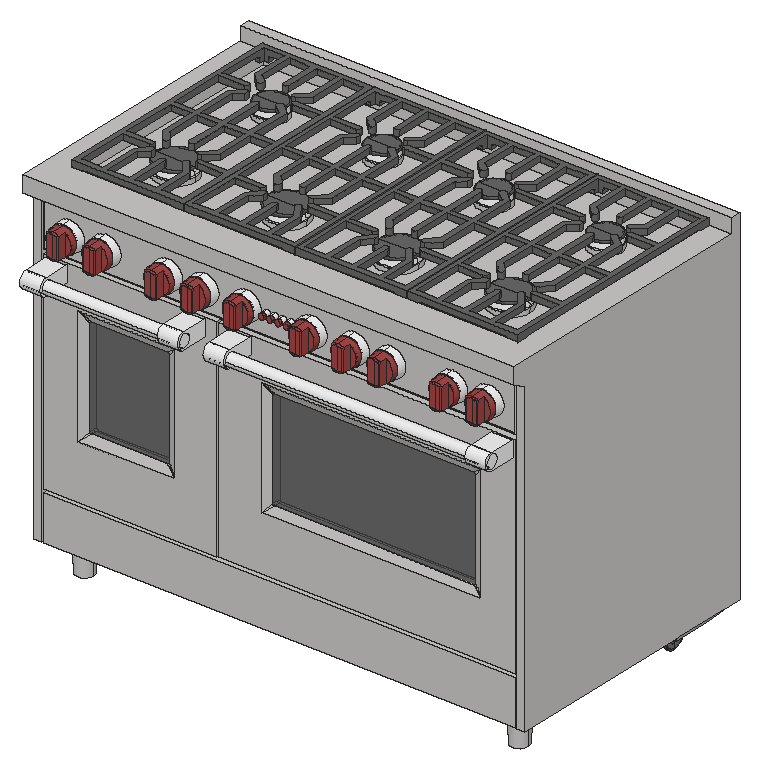
Revit family "43dcda20f5f249dd9b1c5d9aa32a3989", category Specialty Equipment, Revit 2021
Family settings
  Round Connector Dimension = Use Diameter
  Part Type = Normal
  OmniClass Number = 23.40.40.14
  OmniClass Title = Food Service Equipment
  Work Plane-Based = No
  Always vertical = Yes
  Cut with Voids When Loaded = No
  Shared = No
  Room Calculation Point = No
Parameters (values of type "Burners")
  Width = 3' - 11 7/8"
  Wall Offset = 0' - 0"
  Voltage = 120 V
  Type Comments = ""
  Trim Finish = Appliance - Chrome
  Show Label = yes
  Power Consumption = 500 VA
  Main Oven Width = 2' - 6"
  Label = "Range"
  Knob = Appliance - Plastic - Red
  Height = 3' - 0 31/32"
  Griddle = Appliance - Stainless Steel - Brushed
  Grate Width = (Width - 0' 4 1/4") / 4 - 0' 0 1/32"  # 0' - 10 7/8"
  Grate Depth = Depth - 0' 4 79/256"  # 1' - 11 1/4"
  Glass = Appliance - Oven Glass
  Description = "Range"
  Depth = 2' - 3 143/256"
  Default Elevation = 0' - 0"
  Center Right Burners = yes
  Center Grate - Right = Cook Surface : Burners
  Center Grate - Left = Cook Surface : Burners
  Center Left Burners = yes
  Burner = Appliance - Burner Cover
  Assembly Code = "E1090320"
  Appliance Finish = Appliance - Stainless Steel - Semi-Polished
  Amperage = Power Consumption / Voltage  # 4.16667 A
Reference planes (in)
  plane 1 "Back": y = 0
  plane 2: z = 0
  plane 3 "Center (Left/Right)": x = 0
  plane 4 "Left": x = -23.9375
  plane 5 "Right": x = 23.9375
  plane 6: y = 0
  plane 7 "Edge": y = -27.5585938
  plane 8 "Door Back": y = -24.2515071
  plane 9 "Top": z = 36.96875
  plane 10 "B.O. Unit": z = 3.1496065
  plane 11 "Burner": z = 35.5907955
  plane 12: z = 7.8740158
  plane 13 "Handle": z = 27.401576
  plane 14 "Knobs": z = 30.8555422
  plane 15 "Door Face": y = -26.1412709
  plane 16: y = -24.9601685
  plane 17: z = 2.2834645
  plane 18: z = 1.1023622
  plane 19 "Wheels": y = -4.7244101
  plane 20: z = 1
  plane 21: x = 21.75
  plane 22: x = -21.75
  plane 23: x = 13.05
  plane 24: x = -13.05
  plane 25: x = -6.0625
  plane 26: x = -4.35
  plane 27: x = 4.35
  plane 28: x = -20.4375
  plane 29: x = -16.8941928
  plane 30: x = 20.4375
  plane 31: x = 16.8941946
  plane 32: x = 9.51875
  plane 33: z = 34.3333187
  plane 34: x = -15
  plane 35: x = 8.9375
  plane 36: y = -37.5585938
  plane 37: x = -0.4
  plane 38: x = 0.4
  plane 39: x = -1.2
  plane 40: x = 1.2
  plane 41: x = 11.15625
  plane 42 "1": x = -10.875
  plane 43: x = 0
  plane 44 "2": x = 10.875
  plane 45: x = -7.3125
  plane 46: x = 7.625
  plane 47: x = -7.34375
  plane 48: x = 7.34375
Forms (in)
  Extrusion 1, void
    sketch origin (0, 0, 36.96875) x (-1, 0, 0) y (0, -1, 0)
      loop
        line (21.75, 1) -> (21.75, 24.2515071) -> (-21.75, 24.2515071) -> (-21.75, 1) -> (21.75, 1)
    from 0 to -2.6354313
  Extrusion 2, solid, material "Appliance - Stainless Steel - Semi-Polished" <- "Appliance Finish"
    sketch origin (0, 0, 0) x (0, 1, 0) y (0, 0, 1)
      loop
        line (-1, 36.96875) -> (-1, 35.5907955) -> (-27.5585938, 35.5907955) -> (-27.5585938, 34.0159941) -> (-26.1412709, 33.2285919) -> (-26.1412709, 3.1496065) -> (0, 3.1496065) -> (0, 36.96875) -> (-1, 36.96875)
    from -23.9375 to 23.9375
  Extrusion 3, void
    sketch origin (0, -26.1412709, 0) x (0, 0, 1) y (-1, 0, 0)
      loop
        line (33.2285919, 23.1500984) -> (3.1496065, 23.1500984) -> (3.1496065, -23.1501007) -> (33.2285919, -23.1501007) -> (33.2285919, 23.1500984)
    from -1.8897638 to 0
  Extrusion 4, solid, material "Appliance - Stainless Steel - Semi-Polished" <- "Appliance Finish"
    sketch origin (0, 0, 0) x (0, 1, 0) y (0, 0, 1)
      loop
        line (-24.9601685, 7.4803147) -> (-26.1412709, 7.4803147) -> (-26.1412709, 3.1496065) -> (-24.9601685, 3.1496065) -> (-24.9601685, 7.4803147)
      loop
        line (-24.2515071, 33.2285919) -> (-26.1412709, 33.2285919) -> (-26.1412709, 28.7404022) -> (-24.2515071, 28.7404022) -> (-24.2515071, 33.2285919)
      loop
        line (-24.9601685, 28.3467026) -> (-26.1412709, 28.3467026) -> (-26.1412709, 7.8740158) -> (-24.9601685, 7.8740158) -> (-24.9601685, 28.3467026)
    from -23.0234375 to 23.0234375
  Extrusion 5, void
    sketch origin (0, -26.1412709, 0) x (0, 0, 1) y (-1, 0, 0)
      loop
        arc (23.8188972, 0.78125) -> (23.7639798, 0.9138325) -> (23.6313972, 0.96875) r 0.1875
        line (23.6313972, 0.96875) -> (14.1638775, 0.96875)
        arc (14.1638775, 0.96875) -> (14.031295, 0.9138325) -> (13.9763775, 0.78125) r 0.1875
        line (13.9763775, 0.78125) -> (13.9763775, -18.651577)
        arc (13.9763775, -18.651577) -> (14.031295, -18.7841595) -> (14.1638775, -18.839077) r 0.1875
        line (14.1638775, -18.839077) -> (23.6313972, -18.839077)
        arc (23.6313972, -18.839077) -> (23.7639798, -18.7841595) -> (23.8188972, -18.651577) r 0.1875
        line (23.8188972, -18.651577) -> (23.8188972, 0.78125)
      loop
        line (23.8188972, 11.21875) -> (23.8188972, 18.651577)
        arc (23.8188972, 18.651577) -> (23.7639798, 18.7841595) -> (23.6313972, 18.839077) r 0.1875
        line (23.6313972, 18.839077) -> (14.1638775, 18.839077)
        arc (14.1638775, 18.839077) -> (14.031295, 18.7841595) -> (13.9763775, 18.651577) r 0.1875
        line (13.9763775, 18.651577) -> (13.9763775, 11.21875)
        arc (13.9763775, 11.21875) -> (14.031295, 11.0861675) -> (14.1638775, 11.03125) r 0.1875
        line (14.1638775, 11.03125) -> (23.6313972, 11.03125)
        arc (23.6313972, 11.03125) -> (23.7639798, 11.0861675) -> (23.8188972, 11.21875) r 0.1875
    from -1.8897638 to -0.3937008
  Blend 6, void
    base sketch origin (0, -26.1412709, 0) x (0, 0, 1) y (-1, 0, 0)
      loop
        line (24.6062994, 1.75) -> (13.1889768, 1.75) -> (13.1889768, -19.6264791) -> (24.6062994, -19.6264791) -> (24.6062994, 1.75)
    top sketch origin (0, -26.1412709, 0) x (0, 0, 1) y (-1, 0, 0)
      loop
        line (23.8188972, -18.651577) -> (23.8188972, 0.78125)
        arc (23.8188972, 0.78125) -> (23.7639798, 0.9138325) -> (23.6313972, 0.96875) r 0.1875
        line (23.6313972, 0.96875) -> (14.1638775, 0.96875)
        arc (14.1638775, 0.96875) -> (14.031295, 0.9138325) -> (13.9763775, 0.78125) r 0.1875
        line (13.9763775, 0.78125) -> (13.9763775, -18.651577)
        arc (13.9763775, -18.651577) -> (14.031295, -18.7841595) -> (14.1638775, -18.839077) r 0.1875
        line (14.1638775, -18.839077) -> (23.6313972, -18.839077)
        arc (23.6313972, -18.839077) -> (23.7639798, -18.7841595) -> (23.8188972, -18.651577) r 0.1875
    from 0 to -0.3937008
  Extrusion 7, solid, material "Appliance - Oven Glass" <- "Glass"
    sketch origin (0, -26.1412709, 0) x (0, 0, 1) y (-1, 0, 0)
      loop
        line (23.8188972, -18.651577) -> (23.8188972, 0.78125)
        arc (23.8188972, 0.78125) -> (23.7639798, 0.9138325) -> (23.6313972, 0.96875) r 0.1875
        line (23.6313972, 0.96875) -> (14.1638775, 0.96875)
        arc (14.1638775, 0.96875) -> (14.031295, 0.9138325) -> (13.9763775, 0.78125) r 0.1875
        line (13.9763775, 0.78125) -> (13.9763775, -18.651577)
        arc (13.9763775, -18.651577) -> (14.031295, -18.7841595) -> (14.1638775, -18.839077) r 0.1875
        line (14.1638775, -18.839077) -> (23.6313972, -18.839077)
        arc (23.6313972, -18.839077) -> (23.7639798, -18.7841595) -> (23.8188972, -18.651577) r 0.1875
      loop
        arc (23.8188972, 18.651577) -> (23.7639798, 18.7841595) -> (23.6313972, 18.839077) r 0.1875
        line (23.6313972, 18.839077) -> (14.1638775, 18.839077)
        arc (14.1638775, 18.839077) -> (14.031295, 18.7841595) -> (13.9763775, 18.651577) r 0.1875
        line (13.9763775, 18.651577) -> (13.9763775, 11.21875)
        arc (13.9763775, 11.21875) -> (14.031295, 11.0861675) -> (14.1638775, 11.03125) r 0.1875
        line (14.1638775, 11.03125) -> (23.6313972, 11.03125)
        arc (23.6313972, 11.03125) -> (23.7639798, 11.0861675) -> (23.8188972, 11.21875) r 0.1875
        line (23.8188972, 11.21875) -> (23.8188972, 18.651577)
    from -0.3937008 to -0.8945312
  Blend 8, solid, material "Appliance - Stainless Steel - Semi-Polished" <- "Appliance Finish"
    base sketch origin (0, 0, 3.1496065) x (-1, 0, 0) y (0, -1, 0)
      loop
        line (23.9375, 1.968504) -> (23.9375, 7.4803162) -> (18.4252268, 7.4803162) -> (18.4252268, 1.968504) -> (23.9375, 1.968504)
    top sketch origin (0, 0, 3.1496065) x (-1, 0, 0) y (0, -1, 0)
      loop
        line (23.1496363, 2.7559061) -> (23.1496363, 6.692914) -> (19.2126286, 6.692914) -> (19.2126286, 2.7559061) -> (23.1496363, 2.7559061)
    from 0 to -0.866142
  Blend 9, solid, material "Appliance - Stainless Steel - Semi-Polished" <- "Appliance Finish"
    base sketch origin (0, 0, 3.1496065) x (1, 0, 0) y (0, 1, 0)
      loop
        line (23.9375, -1.968504) -> (18.4252268, -1.968504) -> (18.4252268, -7.4803162) -> (23.9375, -7.4803162) -> (23.9375, -1.968504)
    top sketch origin (0, 0, 3.1496065) x (1, 0, 0) y (0, 1, 0)
      loop
        line (23.1496363, -2.7559061) -> (19.2126286, -2.7559061) -> (19.2126286, -6.692914) -> (23.1496363, -6.692914) -> (23.1496363, -2.7559061)
    from 0 to -0.866142
  Blend 10, solid, material "Appliance - Stainless Steel - Semi-Polished" <- "Appliance Finish"
    base sketch origin (0, 0, 3.1496065) x (-1, 0, 0) y (0, -1, 0)
      loop
        circle (-21.1811347, 23.3853653) r 0.984252
    top sketch origin (0, 0, 3.1496065) x (-1, 0, 0) y (0, -1, 0)
      loop
        circle (-21.2008185, 23.3853653) r 0.8633028
    from 0 to -3.1496065
  Blend 11, solid, material "Appliance - Stainless Steel - Semi-Polished" <- "Appliance Finish"
    base sketch origin (0, 0, 3.1496065) x (1, 0, 0) y (0, 1, 0)
      loop
        circle (-21.1811347, -23.3853653) r 0.984252
    top sketch origin (0, 0, 3.1496065) x (1, 0, 0) y (0, 1, 0)
      loop
        circle (-21.2008185, -23.3853653) r 0.8633028
    from 0 to -3.1496065
  Extrusion 12, solid, material "Appliance - Stainless Steel - Semi-Polished" <- "Appliance Finish"
    sketch origin (0, 0, 0) x (1, 0, 0) y (0, 0, 1)
      loop
        line (-22.3622347, 2.2834645) -> (-21.5748333, 1.1023622) -> (-21.4404829, 1.1023622) -> (-21.4404829, 2.2834645) -> (-22.3622347, 2.2834645)
      loop
        line (-20.7874315, 1.1023622) -> (-20.00003, 2.2834645) -> (-20.921782, 2.2834645) -> (-20.921782, 1.1023622) -> (-20.7874315, 1.1023622)
      loop
        line (22.3622347, 2.2834645) -> (21.4404829, 2.2834645) -> (21.4404829, 1.1023622) -> (21.5748333, 1.1023622) -> (22.3622347, 2.2834645)
      loop
        line (20.7874315, 1.1023622) -> (20.921782, 1.1023622) -> (20.921782, 2.2834645) -> (20.00003, 2.2834645) -> (20.7874315, 1.1023622)
    from 3.5433083 to 5.9055133
  Revolve 13, solid, material "Appliance - Rubber"
    sketch origin (0, -4.7244101, 0) x (0, 0, 1) y (-1, 0, 0)
      loop
        line (1, 20.984282) -> (1.192074, 20.984282) -> (1.192074, 21.109282) -> (1.3350632, 21.109282) -> (1.3350632, 21.078032)
        arc (1.3350632, 21.078032) -> (1.362522, 21.0117408) -> (1.4288132, 20.984282) r 0.09375
        line (1.4288132, 20.984282) -> (1.90625, 20.984282)
        arc (1.90625, 20.984282) -> (1.9725413, 21.0117408) -> (2, 21.078032) r 0.09375
        line (2, 21.078032) -> (2, 21.2842329)
        arc (2, 21.2842329) -> (1.9725413, 21.3505242) -> (1.90625, 21.3779829) r 0.09375
        line (1.90625, 21.3779829) -> (1.4288132, 21.3779829)
        arc (1.4288132, 21.3779829) -> (1.362522, 21.3505242) -> (1.3350632, 21.2842329) r 0.09375
        line (1.3350632, 21.2842329) -> (1.3350632, 21.2529829) -> (1.192074, 21.2529829) -> (1.192074, 21.3779829) -> (1, 21.3779829) -> (1, 20.984282)
      loop
        line (1, -20.984282) -> (1, -21.3779829) -> (1.192074, -21.3779829) -> (1.192074, -21.2529829) -> (1.3350632, -21.2529829) -> (1.3350632, -21.2842329)
        arc (1.3350632, -21.2842329) -> (1.362522, -21.3505242) -> (1.4288132, -21.3779829) r 0.09375
        line (1.4288132, -21.3779829) -> (1.90625, -21.3779829)
        arc (1.90625, -21.3779829) -> (1.9725413, -21.3505242) -> (2, -21.2842329) r 0.09375
        line (2, -21.2842329) -> (2, -21.078032)
        arc (2, -21.078032) -> (1.9725413, -21.0117408) -> (1.90625, -20.984282) r 0.09375
        line (1.90625, -20.984282) -> (1.4288132, -20.984282)
        arc (1.4288132, -20.984282) -> (1.362522, -21.0117408) -> (1.3350632, -21.078032) r 0.09375
        line (1.3350632, -21.078032) -> (1.3350632, -21.109282) -> (1.192074, -21.109282) -> (1.192074, -20.984282) -> (1, -20.984282)
      axis (1, 21.3779829) -> (1, -21.3779829)
    angle from 0 to 360
  Sweep 14, void
    path in 3D
      loop
        line (-23.0234375, -26.1412709, 33.2285919) -> (-23.0234375, -26.1412709, 28.7404022) -> (23.0234375, -26.1412709, 28.7404022) -> (23.0234375, -26.1412709, 33.2285919) -> (-23.0234375, -26.1412709, 33.2285919)
    profile "Round : 1/8"" origin (0, -26.1412709, 33.2285919) x (0, -1, 0) y (0, 0, 1)
      loop
        line (0, 0) -> (-0.125, 0)
        arc (-0.125, 0) -> (-0.0366117, -0.0366117) -> (0, -0.125) r 0.125
        line (0, -0.125) -> (0, 0)
  Extrusion 15, void
    sketch origin (0, -24.2515071, 0) x (-1, 0, 0) y (0, 0, 1)
      loop
        line (6.15625, 28.3467026) -> (5.96875, 28.3467026) -> (5.96875, 7.8740158) -> (6.15625, 7.8740158) -> (6.15625, 28.3467026)
    from 0 to -1.8897638
  Blend 16, void
    base sketch origin (0, -26.1412709, 0) x (0, 0, 1) y (-1, 0, 0)
      loop
        line (24.6062994, 10.25) -> (24.6062994, 19.6264791) -> (13.1889768, 19.6264791) -> (13.1889768, 10.25) -> (24.6062994, 10.25)
    top sketch origin (0, -26.1412709, 0) x (0, 0, 1) y (-1, 0, 0)
      loop
        arc (23.8188972, 18.651577) -> (23.7639798, 18.7841595) -> (23.6313972, 18.839077) r 0.1875
        line (23.6313972, 18.839077) -> (14.1638775, 18.839077)
        arc (14.1638775, 18.839077) -> (14.031295, 18.7841595) -> (13.9763775, 18.651577) r 0.1875
        line (13.9763775, 18.651577) -> (13.9763775, 11.21875)
        arc (13.9763775, 11.21875) -> (14.031295, 11.0861675) -> (14.1638775, 11.03125) r 0.1875
        line (14.1638775, 11.03125) -> (23.6313972, 11.03125)
        arc (23.6313972, 11.03125) -> (23.7639798, 11.0861675) -> (23.8188972, 11.21875) r 0.1875
        line (23.8188972, 11.21875) -> (23.8188972, 18.651577)
    from 0 to -0.3937008
Cuts and joins
  Extrusion 1, Extrusion 3, Sweep 14 cuts Extrusion 2
  Extrusion 5, Blend 6, Sweep 14, Extrusion 15, Blend 16 cuts Extrusion 4
  Blend 16 cuts Extrusion 7
Lines and regions (in)
  Split face 1
    outline origin (23.9375, 0, 3.1496065) x (-1, 0, 0) y (0, 0, 1)
      loop
        circle (5.6979908, 4.7244093) r 0.5
  Split face 2
    outline origin (23.9375, 0, 3.1496065) x (-1, 0, 0) y (0, 0, 1)
      loop
        circle (9.1750184, 4.7244093) r 0.5
  sketch lines
    curve 1: line (23.0234375, -26.1412709, 33.2285919) -> (-23.0234375, -26.1412709, 33.2285919)
    curve 2: line (23.0234375, -26.1412709, 33.2285919) -> (23.0234375, -26.1412709, 28.7404022)
    curve 3: line (23.0234375, -26.1412709, 28.7404022) -> (-23.0234375, -26.1412709, 28.7404022)
    curve 4: line (-23.0234375, -26.1412709, 28.7404022) -> (-23.0234375, -26.1412709, 33.2285919)
Dimensions and locks (in)
  equal spacing: plane 4 "Left", plane 3 "Center (Left/Right)", plane 5 "Right"
  "Width": plane 4 "Left" to plane 5 "Right"
  "Depth": plane 6 to plane 7 "Edge"
  "Wall Offset": plane 1 "Back" to plane 6
  "Height": plane 9 "Top" to level
  locked: plane 10 "B.O. Unit" to level at 3.1496065
  locked: plane 8 "Door Back" to plane 7 "Edge" at 3.3070866
  locked: plane 9 "Top" to plane 11 "Burner" at 1.3779545
  plane 13 "Handle" to level = 2' - 3.40158"
  locked: plane 11 "Burner" to plane 14 "Knobs" at 4.7352533
  locked: plane 6 to Extrusion 2 sketch curve at 1
  plane 6 to Extrusion 1 sketch curve = 0' - 1"
  locked: Extrusion 3 sketch curve to plane 14 "Knobs" at 2.3730497
  locked: plane 12 to plane 10 "B.O. Unit" at 4.7244093
  locked: plane 12 to Extrusion 4 sketch curve at 0.3937011
  locked: plane 16 to plane 15 "Door Face" at 1.1811023
  locked: Extrusion 5 sketch curve to plane 25 at 5.09375
  locked: plane 5 "Right" to Extrusion 5 sketch curve at 5.098423
  locked: Extrusion 5 sketch curve to plane 12 at 6.1023617
  locked: plane 13 "Handle" to Extrusion 5 sketch curve at 3.5826788
  locked: cut or joined group of Extrusion 4, Extrusion 5, Blend 6, Sweep 14, Extrusion 15, Blend 16 to plane 15 "Door Face" at 0.3937008
  locked: plane 5 "Right" to Blend 6 sketch curve at 4.3110209
  locked: plane 13 "Handle" to Blend 6 sketch curve at 2.7952766
  locked: Blend 6 sketch curve to plane 12 at 5.314961
  locked: cut or joined group of Extrusion 4, Extrusion 5, Blend 6, Sweep 14, Extrusion 15, Blend 16 to plane 4 "Left" at 0.9140625
  locked: plane 5 "Right" to cut or joined group of Extrusion 4, Extrusion 5, Blend 6, Sweep 14, Extrusion 15, Blend 16 at 0.9140625
  locked: plane 7 "Edge" to plane 15 "Door Face" at 1.4173229
  locked: plane 4 "Left" to Blend 8 sketch curve at 5.5122732
  plane 6 to Blend 8 sketch curve to Blend 8 sketch curve = 0' - 1.9685" locked, 0' - 5.51181" locked
  plane 4 "Left" to Blend 8 sketch curve to Blend 8 sketch curve = 0' - 0.78786" locked, 0' - 3.93701" locked
  plane 6 to Blend 8 sketch curve to Blend 8 sketch curve = 0' - 2.75591" locked, 0' - 3.93701" locked
  locked: plane 10 "B.O. Unit" to Blend 8 at 0.866142
  plane 5 "Right" to Blend 9 sketch curve to Blend 9 sketch curve = 0' - 0.78786" locked, 0' - 3.93701" locked
  plane 6 to Blend 9 sketch curve to Blend 9 sketch curve = 0' - 2.75591" locked, 0' - 3.93701" locked
  locked: Blend 9 sketch curve to plane 5 "Right" at 5.5122732
  plane 6 to Blend 9 sketch curve to Blend 9 sketch curve = 0' - 1.9685" locked, 0' - 5.51181" locked
  locked: plane 10 "B.O. Unit" to Blend 9 at 0.866142
  locked: plane 4 "Left" to Blend 11 sketch curve at 2.7366815
  locked: plane 15 "Door Face" to Blend 11 sketch curve at 2.7559056  (x2)
  locked: plane 4 "Left" to Blend 11 sketch curve at 2.7563653
  locked: Blend 10 sketch curve to plane 5 "Right" at 2.7366815
  locked: plane 15 "Door Face" to Blend 10 sketch curve at 2.7559056  (x2)
  locked: Blend 10 sketch curve to plane 5 "Right" at 2.7563653
  plane 10 "B.O. Unit" to plane 17 to plane 18 = 0' - 0.86614" locked, 0' - 1.1811" locked
  Extrusion 12 sketch curve to Extrusion 12 sketch curve to Extrusion 12 sketch curve to Extrusion 12 sketch curve to Extrusion 12 sketch curve to Extrusion 12 sketch curve to plane 4 "Left" = 0' - 0.7874" locked, 0' - 0.13435" locked, 0' - 0.5187" locked, 0' - 0.13435" locked, 0' - 0.7874" locked, 0' - 1.57527" locked
  plane 5 "Right" to Extrusion 12 sketch curve to Extrusion 12 sketch curve to Extrusion 12 sketch curve to Extrusion 12 sketch curve to Extrusion 12 sketch curve to Extrusion 12 sketch curve = 0' - 1.57527" locked, 0' - 0.7874" locked, 0' - 0.13435" locked, 0' - 0.5187" locked, 0' - 0.13435" locked, 0' - 0.7874" locked
  plane 6 to Extrusion 12 to Extrusion 12 = 0' - 3.54331" locked, 0' - 2.36221" locked
  plane 6 to plane 19 "Wheels" = 0' - 4.72441"
  locked: plane 20 to level at 1
  locked: plane 21 to plane 5 "Right" at 2.1875
  plane 4 "Left" to plane 22 = 0' - 2 3/16"
  "Main Oven Width": plane 5 "Right" to plane 25
  Blend 6 sketch curve to plane 25 = 0' - 5 3/32"
  plane 5 "Right" to Blend 6 sketch curve = 0' - 5.09842"
  Blend 6 sketch curve to plane 25 = 0' - 4 5/16"
  locked: Extrusion 7 sketch curve to plane 25 at 5.09375
  Extrusion 15 sketch curve to plane 25 to Extrusion 15 sketch curve = 0' - 0 3/32" locked, 0' - 0 3/32" locked
  locked: plane 14 "Knobs" to Extrusion 15 sketch curve at 2.5088396
  equal spacing: plane 22, plane 24, plane 26, plane 27, plane 23, plane 21
  plane 29 to plane 28 to plane 4 "Left" = 0' - 3.54331" locked, 0' - 3 1/2" locked
  plane 5 "Right" to plane 30 to plane 31 = 0' - 3 1/2" locked, 0' - 3.54331" locked
  locked: plane 23 to plane 32 at 3.53125
  locked: plane 9 "Top" to plane 33 at 2.6354313
  Extrusion 4 sketch curve to plane 14 "Knobs" to Extrusion 4 sketch curve = 0' - 2.11514" locked, 0' - 2.37305" locked
  locked: plane 13 "Handle" to Extrusion 4 sketch curve at 0.9451265
  locked: plane 14 "Knobs" to plane 13 "Handle" at 3.4539661
  equal spacing: plane 4 "Left", plane 34, plane 25
  equal spacing: plane 25, plane 35, plane 5 "Right"
  locked: plane 3 "Center (Left/Right)" to nested 13 at 3.197834
  nested 14 to plane 3 "Center (Left/Right)" = 0' - 3.22195"
  locked: plane 7 "Edge" to plane 36 at 10
  locked: plane 3 "Center (Left/Right)" to plane 37 at 0.4
  plane 38 to plane 3 "Center (Left/Right)" = 0' - 0.4"
  locked: plane 40 to plane 38 at 0.8
  locked: plane 37 to plane 39 at 0.8
  plane 22 to plane 42 "1" to plane 43 to plane 21 = 0' - 10 7/8", 0' - 10 7/8", 1' - 9 3/4"  (x2)
  plane 28 to plane 29 = 0' - 3.54331"
  equal spacing: plane 22, plane 42 "1", plane 43, plane 44 "2", plane 21
  locked: plane 25 to plane 45 at 1.25
  plane 41 to plane 46 = 0' - 3 17/32"
  locked: plane 47 to plane 42 "1" at 3.53125
  locked: plane 44 "2" to plane 48 at 3.53125
  aligned and locked: plane 2 to level
  aligned and locked: plane 9 "Top" to Extrusion 2 sketch curve
  aligned and locked: plane 5 "Right" to Extrusion 2
  aligned and locked: Extrusion 2 to plane 4 "Left"
  aligned and locked: Extrusion 2 sketch curve to plane 10 "B.O. Unit"
  aligned and locked: Extrusion 2 sketch curve to plane 15 "Door Face"
  aligned and locked: plane 7 "Edge" to Extrusion 2 sketch curve
  aligned and locked: plane 11 "Burner" to Extrusion 2 sketch curve
  aligned and locked: Extrusion 2 sketch curve to plane 6
  aligned and locked: Extrusion 3 sketch curve to plane 10 "B.O. Unit"
  aligned and locked: plane 8 "Door Back" to Extrusion 3
  aligned and locked: plane 15 "Door Face" to Extrusion 3
  aligned and locked: Extrusion 4 sketch curve to plane 15 "Door Face"  (x3)
  aligned and locked: plane 10 "B.O. Unit" to Extrusion 4 sketch curve
  aligned and locked: Extrusion 4 sketch curve to plane 8 "Door Back"
  aligned and locked: plane 12 to Extrusion 4 sketch curve
  aligned and locked: Extrusion 4 sketch curve to plane 16  (x2)
  aligned and locked: plane 15 "Door Face" to nested 2
  aligned and locked: plane 8 "Door Back" to Extrusion 5
  aligned and locked: plane 4 "Left" to Blend 8 sketch curve
  aligned and locked: plane 5 "Right" to Blend 9 sketch curve
  aligned and locked: Blend 10 to level
  aligned and locked: plane 10 "B.O. Unit" to Blend 10
  aligned and locked: plane 10 "B.O. Unit" to Blend 9
  aligned and locked: plane 10 "B.O. Unit" to Blend 8
  aligned and locked: Extrusion 12 sketch curve to plane 17  (x4)
  aligned and locked: plane 18 to Extrusion 12 sketch curve  (x4)
  aligned and locked: plane 20 to Revolve 13 sketch curve  (x2)
  aligned and locked: Revolve 13 sketch curve to plane 20
  aligned and locked: plane 15 "Door Face" to nested 3
  aligned and locked: plane 15 "Door Face" to nested 4
  aligned and locked: plane 15 "Door Face" to nested 5
  aligned and locked: plane 15 "Door Face" to nested 6
  aligned and locked: nested 3 to plane 14 "Knobs"
  aligned and locked: nested 4 to plane 14 "Knobs"
  aligned and locked: nested 5 to plane 14 "Knobs"
  aligned and locked: nested 6 to plane 14 "Knobs"
  aligned and locked: plane 15 "Door Face" to nested 7
  aligned and locked: nested 7 to plane 14 "Knobs"
  aligned and locked: plane 22 to Extrusion 1 sketch curve
  aligned and locked: Extrusion 1 sketch curve to plane 21
  aligned and locked: nested 8 to plane 8 "Door Back"
  aligned and locked: Extrusion 15 sketch curve to plane 12
  aligned and locked: plane 15 "Door Face" to Extrusion 15
  aligned and locked: plane 15 "Door Face" to nested 11
  aligned and locked: plane 25 to nested 11
  aligned and locked: plane 4 "Left" to nested 11
  aligned and locked: nested 12 to plane 14 "Knobs"
  aligned and locked: nested 9 to plane 14 "Knobs"
  aligned and locked: nested 10 to plane 14 "Knobs"
  aligned and locked: plane 15 "Door Face" to nested 10
  aligned and locked: plane 15 "Door Face" to nested 12
  aligned and locked: plane 15 "Door Face" to nested 9
  aligned and locked: plane 15 "Door Face" to nested 13
  aligned and locked: plane 15 "Door Face" to nested 14
  aligned and locked: plane 28 to nested 7
  aligned and locked: plane 29 to nested 6
  aligned and locked: plane 30 to nested 9
  aligned and locked: plane 31 to nested 4
  aligned and locked: nested 13 to plane 14 "Knobs"
  aligned and locked: nested 14 to plane 14 "Knobs"
  aligned and locked: plane 33 to nested 8
  aligned and locked: nested 11 to plane 13 "Handle"
  aligned and locked: nested 2 to plane 13 "Handle"
  aligned and locked: plane 34 to nested 11
  aligned and locked: plane 35 to nested 2
  aligned and locked: nested 1 to plane 36
  aligned and locked: nested 15 to plane 14 "Knobs"
  aligned and locked: nested 16 to plane 14 "Knobs"
  aligned and locked: nested 17 to plane 14 "Knobs"
  aligned and locked: nested 18 to plane 14 "Knobs"
  aligned and locked: plane 38 to nested 17
  aligned and locked: plane 40 to nested 18
  aligned and locked: plane 37 to nested 16
  aligned and locked: plane 39 to nested 15
  aligned and locked: plane 15 "Door Face" to nested 15
  aligned and locked: plane 15 "Door Face" to nested 16
  aligned and locked: plane 15 "Door Face" to nested 17
  aligned and locked: plane 15 "Door Face" to nested 18
  aligned and locked: nested 8 to plane 22
  aligned and locked: plane 42 "1" to nested 19
  aligned and locked: plane 44 "2" to nested 21
  aligned and locked: plane 44 "2" to nested 20
  aligned and locked: plane 42 "1" to nested 3
  aligned and locked: plane 47 to nested 10
  aligned and locked: plane 44 "2" to nested 5
  aligned and locked: nested 12 to plane 48
  aligned and locked: plane 8 "Door Back" to nested 19
  aligned and locked: plane 8 "Door Back" to nested 20
  aligned and locked: plane 8 "Door Back" to nested 21
  aligned and locked: plane 33 to nested 19
  aligned and locked: plane 33 to nested 20
  aligned and locked: plane 33 to nested 21
  aligned and locked: plane 3 "Center (Left/Right)" to nested 1
Automatic sketch dimensions
  Extrusion 1 sketch curve to plane 8 "Door Back" = 0' - 0"
  Extrusion 2 sketch curve to plane 11 "Burner" = 0' - 2.3622"
  Extrusion 2 sketch curve to Extrusion 2 sketch curve = 0' - 1.5748"
  Extrusion 3 sketch curve to plane 5 "Right" = 0' - 0.7874"
  plane 4 "Left" to Extrusion 3 sketch curve = 0' - 0.7874"
  plane 12 to Extrusion 5 sketch curve = 0' - 6.10236"
  Extrusion 5 sketch curve to Extrusion 5 sketch curve = 0' - 0 3/16"  (x7)
  plane 13 "Handle" to Extrusion 5 sketch curve = 0' - 3.77018"  (x2)
  Extrusion 5 sketch curve to plane 25 = 0' - 4 31/32"
  plane 22 to Extrusion 5 sketch curve = 0' - 3.09842"
  plane 12 to Blend 6 sketch curve = 0' - 6.10236"
  Blend 6 sketch curve to Blend 6 sketch curve = 0' - 0 3/16"  (x3)
  plane 13 "Handle" to Blend 6 sketch curve = 0' - 3.77018"  (x2)
  Blend 6 sketch curve to plane 21 = 0' - 3.09842"
  plane 12 to Extrusion 7 sketch curve = 0' - 6.10236"  (x2)
  plane 22 to Extrusion 7 sketch curve = 0' - 3.09842"
  Extrusion 7 sketch curve to Extrusion 7 sketch curve = 0' - 0 3/16"  (x6)
  plane 13 "Handle" to Extrusion 7 sketch curve = 0' - 3.77018"  (x4)
  Extrusion 7 sketch curve to plane 21 = 0' - 3.09842"
  Extrusion 7 sketch curve to plane 25 = 0' - 4 31/32"
  plane 21 to Blend 10 sketch curve = 0' - 0.41539"
  plane 22 to Blend 11 sketch curve = 0' - 0.41539"
  Revolve 13 sketch curve to Revolve 13 sketch curve = 0' - 0.19207"  (x3)
  plane 20 to Revolve 13 sketch curve = 0' - 0.19207"
  Revolve 13 sketch curve to Revolve 13 sketch curve = 0' - 0.14299"  (x4)
  Revolve 13 sketch curve to Revolve 13 sketch curve = 0' - 0 3/32"  (x6)
  Revolve 13 sketch curve to Revolve 13 sketch curve = 0' - 0.47744"  (x2)
  Revolve 13 sketch curve to Revolve 13 sketch curve = 0' - 0"  (x4)
  Revolve 13 sketch curve to plane 21 = 0' - 0.37202"
  Revolve 13 sketch curve to Revolve 13 sketch curve = 0' - 0 1/8"  (x4)
  Revolve 13 sketch curve to Revolve 13 sketch curve = 0' - 0.1437"  (x2)
  Revolve 13 sketch curve to Revolve 13 sketch curve = 0' - 0.2062"
  plane 22 to Revolve 13 sketch curve = 0' - 0.76572"
  Revolve 13 sketch curve to Revolve 13 sketch curve = 0' - 0 1/32"
  Revolve 13 sketch curve to Revolve 13 sketch curve = 0' - 1.59809"
  Revolve 13 sketch curve to plane 22 = 0' - 0.59658"
  Blend 16 sketch curve to plane 12 = 0' - 5.31496"
  Blend 16 sketch curve to plane 13 "Handle" = 0' - 2.79528"
  Blend 16 sketch curve to plane 22 = 0' - 2.12352"
  plane 25 to Blend 16 sketch curve = 0' - 4 3/16"
  Blend 16 sketch curve to plane 12 = 0' - 6.10236"
  Blend 16 sketch curve to Blend 16 sketch curve = 0' - 0 3/16"  (x3)
  Blend 16 sketch curve to plane 13 "Handle" = 0' - 3.77018"  (x2)
  Blend 16 sketch curve to plane 22 = 0' - 2.91092"
  plane 25 to Blend 16 sketch curve = 0' - 5 5/32"
  Split face 1 sketch curve to cut or joined group of Extrusion 1, Extrusion 2, Extrusion 3, Sweep 14 = 0' - 5.69799"
  Split face 1 sketch curve to cut or joined group of Extrusion 1, Extrusion 2, Extrusion 3, Sweep 14 = 0' - 4.72441"
  Split face 2 sketch curve to cut or joined group of Extrusion 1, Extrusion 2, Extrusion 3, Sweep 14 = 0' - 9.17502"
  Split face 2 sketch curve to cut or joined group of Extrusion 1, Extrusion 2, Extrusion 3, Sweep 14 = 0' - 4.72441"
  radius of Blend 10 sketch curve = 0' - 0.8633"
  radius of Blend 11 sketch curve = 0' - 0.8633"
  radius of Split face 1 sketch curve = 0' - 0 1/2"
  radius of Split face 2 sketch curve = 0' - 0 1/2"
Nested families (in)
  nested 1: "Label Annotation 3-32" at (0, -37.5585938, 0), visible <- "Show Label", type "Label Annotation 3-32"
  nested 2: "Handle" at (8.9375, -26.1412709, 27.401576), Unit Width <- "Main Oven Width", Finish <- "Trim Finish", type "Handle", detail levels medium+fine
    with Unit Width 2' - 6", Finish Appliance - Chrome
  nested 3: "Knob 1" at (-10.875, -26.1412709, 30.8555422), type "Knob 1", detail levels medium+fine
  nested 4: "Knob 1" at (16.8941946, -26.1412709, 30.8555422), type "Knob 1", detail levels medium+fine
  nested 5: "Knob 1" at (10.875, -26.1412709, 30.8555422), type "Knob 1", detail levels medium+fine
  nested 6: "Knob 1" at (-16.8941928, -26.1412709, 30.8555422), type "Knob 1", detail levels medium+fine
  nested 7: "Knob 1" at (-20.4375, -26.1412709, 30.8555422), type "Knob 1", detail levels medium+fine
  nested 8: "Cook Surface" at (-16.3058467, -12.6265071, 34.3333187), type "Burners"
    with Grate Width 0' - 10 7/8"
  nested 9: "Knob 1" at (20.4375, -26.1412709, 30.8555422), type "Knob 1", detail levels medium+fine
  nested 10: "Knob 1" at (-7.34375, -26.1412709, 30.8555422), visible <- "Center Left Burners", type "Knob 1", detail levels medium+fine
  nested 11: "Handle" at (-15, -26.1412709, 27.401576), Finish <- "Trim Finish", type "Handle", detail levels medium+fine
    with Unit Width 1' - 5 7/8", Finish Appliance - Chrome
  nested 12: "Knob 1" at (7.34375, -26.1412709, 30.8555422), visible <- "Center Right Burners", type "Knob 1", detail levels medium+fine
  nested 13: "Knob 1" at (-3.197834, -26.1412709, 30.8555422), type "Knob 1", detail levels medium+fine
  nested 14: "Knob 1" at (3.2219484, -26.1412709, 30.8555422), type "Knob 1", detail levels medium+fine
  nested 15: "Knob 2" at (-1.2, -26.1412709, 30.8555422), type "Knob 2", detail levels medium+fine
  nested 16: "Knob 2" at (-0.4, -26.1412709, 30.8555422), type "Knob 2", detail levels medium+fine
  nested 17: "Knob 2" at (0.4, -26.1412709, 30.8555422), type "Knob 2", detail levels medium+fine
  nested 18: "Knob 2" at (1.2, -26.1412709, 30.8555422), type "Knob 2", detail levels medium+fine
  nested 19: "Cook Surface" at (-5.4308467, -12.6265071, 34.3333187), type <- "Center Grate - Left", type "Burners"
    with Grate Width 0' - 10 7/8"
  nested 20: "Cook Surface" at (5.4441533, -12.6265071, 34.3333187), type <- "Center Grate - Right", type "Burners"
    with Grate Width 0' - 10 7/8"
  nested 21: "Cook Surface" at (16.3191533, -12.6265071, 34.3333187), type "Burners"
    with Grate Width 0' - 10 7/8"
Connectors (in)
  electrical at (18.2395092, 0, 7.8740158), driven by "Voltage", driven by "Power Consumption"
    settings: on cut or joined group of Extrusion 1, Extrusion 2, Extrusion 3, Sweep 14, index 1, voltage 120 V, apparent load 500 VA, apparent load phase1 0 VA, apparent load phase2 0 VA, apparent load phase3 0 VA, power factor 1, load classification "Appliance", number of poles 1, system type 30, power factor state 1, is connector primary yes, connector utility no, sub classification motor no, connector description "Range Power"
  piping at (14.7624816, 0, 7.8740158), diameter 0.5
    settings: on cut or joined group of Extrusion 1, Extrusion 2, Extrusion 3, Sweep 14, index 2, connector inside diameter 24", connector length 0' - 0", flow factor 0, pipe flow 0 GPM, pressure drop 0.00 psi, fitting loss kfactor 0, connector angle 0.00°, fixture units 0, engagement length 0' - 0", angle of deflection 0.00°, flow configuration 1, flow direction 1, fitting loss method 0, system type 22, joint type 0, gender type 0, connector reference index -1, connector utility 0, adjustable connector no, is connector primary yes, connector description "Range Gas"
Definition of nested family "Handle"
  Parameters (values of type "Handle")
    Unit Width [instance] = 3' - 0"
    Handle Projection = 0' - 2 1/2"
    Handle Offset B = 0' - 1 1/4"
    Handle Offset A = 0' - 1 1/4"
    Finish [instance] = none
    Default Elevation = 0' - 0"
  Reference planes (in)
    plane 1 "Center (Front/Back)": y = 0
    plane 2: z = 0
    plane 3 "Center (Left/Right)": x = 0
    plane 4 "Surface A": x = -18
    plane 5 "Surface B": x = 18
    plane 6 "Handle A": x = -16.75
    plane 7 "Handle B": x = 16.75
    plane 8: y = -2.5
    plane 9: x = -14.78125
    plane 10: x = 14.78125
    plane 11: y = -1.875
  Forms (in)
    Extrusion 1, solid, material <- "Finish", detail levels medium+fine
      sketch origin (-16.75, 0, 0) x (0, 0, 1) y (0, -1, 0)
        loop
          line (0.7874022, 0) -> (0.7874022, 2.5)
          arc (0.7874022, 2.5) -> (0, 3.2874022) -> (-0.7874022, 2.5) r 0.7874022
          line (-0.7874022, 2.5) -> (-0.7874022, 0) -> (0.7874022, 0)
        loop
          circle (0, 2.5) r 0.5915109
      from 0 to 1.96875
    Extrusion 2, solid, material <- "Finish", detail levels medium+fine
      sketch origin (16.75, 0, 0) x (0, 0, 1) y (0, -1, 0)
        loop
          line (-0.7874022, 0) -> (0.7874022, 0) -> (0.7874022, 2.5)
          arc (0.7874022, 2.5) -> (0, 3.2874022) -> (-0.7874022, 2.5) r 0.7874022
          line (-0.7874022, 2.5) -> (-0.7874022, 0)
        loop
          circle (0, 2.5) r 0.5915109
      from 0 to -1.96875
    Extrusion 3, solid, material <- "Finish", detail levels medium+fine
      sketch origin (0, 0, 0) x (0, 1, 0) y (0, 0, 1)
        loop
          circle (-2.5, 0) r 0.5915109
      from -16.75 to 16.75
  Cuts and joins
    joined: Extrusion 1, Extrusion 2
  Dimensions and locks (in)
    "Unit Width": plane 5 "Surface B" to plane 4 "Surface A"
    equal spacing: plane 5 "Surface B", plane 3 "Center (Left/Right)", plane 4 "Surface A"
    "Handle Offset A": plane 6 "Handle A" to plane 4 "Surface A"
    "Handle Offset B": plane 5 "Surface B" to plane 7 "Handle B"
    "Handle Projection": plane 1 "Center (Front/Back)" to plane 8
    plane 6 "Handle A" to plane 9 = 0' - 1 31/32"
    plane 10 to plane 7 "Handle B" = 0' - 1 31/32"
    plane 8 to plane 11 = 0' - 0 5/8"
    aligned and locked: level to plane 2
    aligned and locked: Extrusion 1 sketch curve to plane 1 "Center (Front/Back)"
    aligned and locked: Extrusion 2 sketch curve to plane 1 "Center (Front/Back)"
    aligned and locked: cut or joined group of Extrusion 1, Extrusion 2 to plane 1 "Center (Front/Back)"
    aligned and locked: plane 8 to Extrusion 2 sketch curve
    aligned and locked: plane 8 to Extrusion 1 sketch curve
    aligned and locked: level to Extrusion 3 sketch curve
    aligned and locked: plane 8 to Extrusion 3 sketch curve
    aligned and locked: plane 7 "Handle B" to Extrusion 3
    aligned and locked: Extrusion 3 to plane 6 "Handle A"
    aligned and locked: Extrusion 2 sketch curve to Extrusion 3  (x2)
    aligned and locked: Extrusion 1 sketch curve to Extrusion 3  (x2)
    aligned and locked: plane 9 to cut or joined group of Extrusion 1, Extrusion 2
    aligned and locked: cut or joined group of Extrusion 1, Extrusion 2 to plane 10
  Automatic sketch dimensions
    Extrusion 1 sketch curve to level = 0' - 0.7874"
    level to Extrusion 1 sketch curve = 0' - 0"
    Extrusion 2 sketch curve to Extrusion 2 sketch curve = 0' - 0.7874"
    Extrusion 2 sketch curve to level = 0' - 0.7874"
    radius of Extrusion 3 sketch curve = 0' - 0.59151"
Definition of nested family "Knob 1"
  Parameters
    Material = none
    Default Elevation = 0' - 0"
    Bezel Material = none
  Reference planes (in)
    plane 1 "Center (Front/Back)": y = 0
    plane 2: z = 0
    plane 3 "Center (Left/Right)": x = 0
    plane 4: y = -1.3779528
    plane 5: y = -2.1653543
  Forms (in)
    Revolve 1, solid, material <- "Material"
      sketch origin (0, 0, 0) x (0, 1, 0) y (0, 0, 1)
        loop
          line (0, 1.3779516) -> (-0.7874016, 1.2992134) -> (-0.7874016, 1.2598429) -> (-2.0742818, 1.2230744)
          arc (-2.0742818, 1.2230744) -> (-2.1388356, 1.1947004) -> (-2.1653543, 1.1293627) r 0.09375
          line (-2.1653543, 1.1293627) -> (-2.1653543, 0) -> (0, 0) -> (0, 1.3779516)
        axis (0, 0) -> (-2.1653543, 0)
      angle from 0 to 360
    Extrusion 2, void
      sketch origin (0, 0, 0) x (1, 0, 0) y (0, 1, 0)
        loop
          line (1.24297, -1.3779528) -> (0.5905516, -1.3779528) -> (0.5905516, -2.0716043)
          arc (0.5905516, -2.0716043) -> (0.5630929, -2.1378956) -> (0.4968016, -2.1653543) r 0.09375
          line (0.4968016, -2.1653543) -> (1.24297, -2.1653543) -> (1.24297, -1.3779528)
        loop
          line (-1.24297, -1.3779528) -> (-1.24297, -2.1653543) -> (-0.4968016, -2.1653543)
          arc (-0.4968016, -2.1653543) -> (-0.5630929, -2.1378956) -> (-0.5905516, -2.0716043) r 0.09375
          line (-0.5905516, -2.0716043) -> (-0.5905516, -1.3779528) -> (-1.24297, -1.3779528)
      from -1.3682255 to 1.445227
  Cuts and joins
    Extrusion 2 cuts Revolve 1
  Dimensions and locks (in)
    plane 5 to plane 4 to plane 1 "Center (Front/Back)" = 0' - 0.7874" locked, 0' - 1.37795" locked
    aligned and locked: plane 2 to level
    aligned and locked: Revolve 1 sketch curve to level
    aligned and locked: plane 4 to Extrusion 2 sketch curve
    aligned and locked: Extrusion 2 sketch curve to plane 5
Definition of nested family "Cook Surface"
  Parameters (values of type "Burners")
    ShowGrate = yes
    Show Base = no
    Has Grill = no
    Has Griddle = no
    Griddle Right Extension = 0' - 0 1/8"
    Griddle Left Extension = 0' - 0 1/8"
    Griddle = none
    Grate Width = 1' - 0 209/256"
    Grate Thickness = 0' - 0 1/2"
    Grate Depth = 1' - 11 1/4"
    Grate = none
    Default Elevation = 0' - 0"
    Burner = none
    Has Burners = yes
    Show Burners = yes
  Reference planes (in)
    plane 1 "Center (Front/Back)": y = 0
    plane 2 "Bottom": z = 0
    plane 3 "Center (Left/Right)": x = -0.0066533
    plane 4 "T.O. Burner": z = 1.3421659
    plane 5 "Back Burner": y = 5.8125
    plane 6 "Front Burner": y = -5.8125
    plane 7: z = 2.4385786
    plane 8 "B.O. Grate": z = 0
    plane 9 "T.O. Pan": z = 0.7677155
    plane 10 "Back": y = 11.625
    plane 11 "Front": y = -11.625
    plane 12 "Left": x = -6.4148564
    plane 13 "Right": x = 6.4015499
    plane 14 "Surface Bottom": z = 1.8782988
    plane 15: x = -3.3357548
    plane 16: x = 2.8224483
    plane 17: x = 5.9015499
    plane 18: x = -5.9148564
    plane 19: y = 11.0625
    plane 20: y = 6.0625
    plane 21: y = 0.25
    plane 22: y = -0.25
    plane 23: y = -11.0625
    plane 24: x = -2.8357548
    plane 25: x = 3.3224483
    plane 26: x = -0.2722783
    plane 27: x = 0.2433467
    plane 28: y = 5.5625
    plane 29: y = -5.5625
    plane 30: y = -6.0625
    plane 31: x = -6.2898564
    plane 32: x = 6.2765499
  Forms (in)
    Extrusion 1, void
      sketch origin (17.0803554, 13.7784205, -33.4188623) x (1, 0, 0) y (0, 0, 1)
        loop
          arc (-11.6788055, 34.5110283) -> (-11.7520288, 34.687805) -> (-11.9288055, 34.7610283) r 0.25
          line (-11.9288055, 34.7610283) -> (-22.2452118, 34.7610283)
          arc (-22.2452118, 34.7610283) -> (-22.4219885, 34.687805) -> (-22.4952118, 34.5110283) r 0.25
          line (-22.4952118, 34.5110283) -> (-22.4952118, 34.1865778) -> (-11.6788055, 34.1865778) -> (-11.6788055, 34.5110283)
      from 2.1534205 to 27.3563425
    Extrusion 2, void
      sketch origin (17.0803554, 13.7784205, -33.4188623) x (0, 1, 0) y (0, 0, 1)
        loop
          arc (-3.1534205, 34.5110283) -> (-3.2266438, 34.687805) -> (-3.4034205, 34.7610283) r 0.25
          line (-3.4034205, 34.7610283) -> (-24.1534205, 34.7610283)
          arc (-24.1534205, 34.7610283) -> (-24.3301972, 34.687805) -> (-24.4034205, 34.5110283) r 0.25
          line (-24.4034205, 34.5110283) -> (-24.4034205, 34.1865778) -> (-3.1534205, 34.1865778) -> (-3.1534205, 34.5110283)
      from -23.4952118 to -10.6788055
    Revolve 3, solid, material <- "Burner", visible <- "Show Burners"
      sketch origin (0.0625, 5.8125, -33.4188623) x (1, 0, 0) y (0, 0, 1)
        loop
          line (-0.0691533, 33.4188623) -> (-0.0691533, 34.7341433) -> (-1.5365929, 34.7341433)
          arc (-1.5365929, 34.7341433) -> (-1.6118992, 34.6588369) -> (-1.5365929, 34.5835306) r 0.0753064
          line (-1.5365929, 34.5835306) -> (-1.4261797, 34.5835306) -> (-1.5314309, 33.9643529) -> (-1.6072836, 33.8632497) -> (-1.6072836, 33.4188623) -> (-0.0691533, 33.4188623)
        axis (-0.0691533, 34.7341433) -> (-0.0691533, 33.4188623)
      angle from 0 to 360
    Revolve 4, solid, material <- "Burner", visible <- "Show Burners"
      sketch origin (0, -5.8125, -33.4188623) x (1, 0, 0) y (0, 0, 1)
        loop
          line (-0.0066533, 33.4188623) -> (-0.0066533, 34.7341433) -> (-1.8959679, 34.7341433)
          arc (-1.8959679, 34.7341433) -> (-1.9712742, 34.6588369) -> (-1.8959679, 34.5835306) r 0.0753064
          line (-1.8959679, 34.5835306) -> (-1.7855547, 34.5835306) -> (-1.8908059, 33.9643529) -> (-1.9666586, 33.8632497) -> (-1.9666586, 33.4188623) -> (-0.0066533, 33.4188623)
        axis (-0.0066533, 34.7341433) -> (-0.0066533, 33.4188623)
      angle from 0 to 360
    Extrusion 5, solid, material <- "Grate", visible <- "Show Base", detail levels medium+fine
      sketch origin (0, 0, 0.7677155) x (-1, 0, 0) y (0, -1, 0)
        loop
          line (6.4148564, -11.625) -> (6.4148564, 11.625) -> (-6.4015499, 11.625) -> (-6.4015499, -11.625) -> (6.4148564, -11.625)
        loop
          line (5.5946229, -10.8047666) -> (5.5946229, 10.8047666) -> (-5.5890499, 10.8047666) -> (-5.5890499, -10.8047666) -> (5.5946229, -10.8047666)
      from 0 to 1.1105833
    Extrusion 6, solid, material <- "Grate", visible <- "Has Grill"
      sketch origin (0, 0, 0) x (1, 0, 0) y (0, 0, 1)
        loop
          line (-6.4148564, 1.8782988) -> (-5.9880797, 1.8782988) -> (-5.9880797, 2.2618019) -> (-6.1648564, 2.4385786) -> (-6.4148564, 2.4385786) -> (-6.4148564, 1.8782988)
        loop
          line (0.1879184, 1.8782988) -> (0.1879184, 2.4385786) -> (-0.2012249, 2.4385786) -> (-0.2012249, 1.8782988) -> (0.1879184, 1.8782988)
        loop
          line (-0.5903682, 1.8782988) -> (-0.5903682, 2.4385786) -> (-0.9795116, 2.4385786) -> (-0.9795116, 1.8782988) -> (-0.5903682, 1.8782988)
        loop
          line (-1.3686549, 1.8782988) -> (-1.3686549, 2.4385786) -> (-1.7577982, 2.4385786) -> (-1.7577982, 1.8782988) -> (-1.3686549, 1.8782988)
        loop
          line (-2.1469415, 1.8782988) -> (-2.1469415, 2.4385786) -> (-2.5360848, 2.4385786) -> (-2.5360848, 1.8782988) -> (-2.1469415, 1.8782988)
        loop
          line (-2.9252281, 1.8782988) -> (-2.9252281, 2.4385786) -> (-3.3143715, 2.4385786) -> (-3.3143715, 1.8782988) -> (-2.9252281, 1.8782988)
        loop
          line (-3.7035148, 1.8782988) -> (-3.7035148, 2.4385786) -> (-4.0926581, 2.4385786) -> (-4.0926581, 1.8782988) -> (-3.7035148, 1.8782988)
        loop
          line (-4.4818014, 1.8782988) -> (-4.4818014, 2.4385786) -> (-4.8709447, 2.4385786) -> (-4.8709447, 1.8782988) -> (-4.4818014, 1.8782988)
        loop
          line (-5.2600881, 1.8782988) -> (-5.2600881, 2.4385786) -> (-5.6492314, 2.4385786) -> (-5.6492314, 1.8782988) -> (-5.2600881, 1.8782988)
        loop
          line (6.4015499, 1.8782988) -> (6.4015499, 2.4385786) -> (6.1515499, 2.4385786) -> (5.9747732, 2.2618019) -> (5.9747732, 1.8782988) -> (6.4015499, 1.8782988)
        loop
          line (0.5770617, 1.8782988) -> (0.966205, 1.8782988) -> (0.966205, 2.4385786) -> (0.5770617, 2.4385786) -> (0.5770617, 1.8782988)
        loop
          line (1.3553484, 1.8782988) -> (1.7444917, 1.8782988) -> (1.7444917, 2.4385786) -> (1.3553484, 2.4385786) -> (1.3553484, 1.8782988)
        loop
          line (2.133635, 1.8782988) -> (2.5227783, 1.8782988) -> (2.5227783, 2.4385786) -> (2.133635, 2.4385786) -> (2.133635, 1.8782988)
        loop
          line (2.9119216, 1.8782988) -> (3.301065, 1.8782988) -> (3.301065, 2.4385786) -> (2.9119216, 2.4385786) -> (2.9119216, 1.8782988)
        loop
          line (3.6902083, 1.8782988) -> (4.0793516, 1.8782988) -> (4.0793516, 2.4385786) -> (3.6902083, 2.4385786) -> (3.6902083, 1.8782988)
        loop
          line (4.4684949, 1.8782988) -> (4.8576382, 1.8782988) -> (4.8576382, 2.4385786) -> (4.4684949, 2.4385786) -> (4.4684949, 1.8782988)
        loop
          line (5.2467815, 1.8782988) -> (5.6359249, 1.8782988) -> (5.6359249, 2.4385786) -> (5.2467815, 2.4385786) -> (5.2467815, 1.8782988)
      from -11.625 to 11.625
    Extrusion 7, solid, material <- "Griddle", visible <- "Has Griddle"
      sketch origin (0, 0, 0.7677155) x (-1, 0, 0) y (0, -1, 0)
        loop
          line (6.4148564, -11.625) -> (6.4148564, 11.625) -> (-6.4015499, 11.625) -> (-6.4015499, -11.625) -> (6.4148564, -11.625)
      from 0 to 1.6708632
    Extrusion 8, void
      sketch origin (-0.0066533, 0, 0) x (0, 1, 0) y (0, 0, 1)
        loop
          line (11.5, 2.4385786) -> (-11.5, 2.4385786) -> (-11.5, 1.3421659) -> (-9.75, 1.3421659) -> (-9.75, 1.8782988) -> (11.5, 1.8782988) -> (11.5, 2.4385786)
      from -6.2832031 to 6.2832031
    Extrusion 9, solid, material <- "Grate", visible <- "ShowGrate", detail levels fine
      sketch origin (0, 0, 0.7677155) x (-1, 0, 0) y (0, -1, 0)
        loop
          line (6.4148564, -11.625) -> (6.4148564, 11.625) -> (-6.4015499, 11.625) -> (-6.4015499, -11.625) -> (6.4148564, -11.625)
        loop
          line (5.9148564, -11.0625) -> (5.9148564, -6.0625) -> (2.8357548, -6.0625)
          arc (2.8357548, -6.0625) -> (2.5857548, -5.8125) -> (2.8357548, -5.5625) r 0.25
          line (2.8357548, -5.5625) -> (5.9148564, -5.5625) -> (5.9148564, -0.25) -> (3.3357548, -0.25) -> (3.3357548, -4.1797666) -> (2.4625946, -5.042267)
          arc (2.4625946, -5.042267) -> (2.0648471, -5.042267) -> (2.0648471, -4.6445194) r 0.28125
          line (2.0648471, -4.6445194) -> (2.8357548, -3.9467714) -> (2.8357548, -0.25) -> (0.2722783, -0.25) -> (0.2722783, -3.9816068)
          arc (0.2722783, -3.9816068) -> (0.0144658, -4.2394193) -> (-0.2433467, -3.9816068) r 0.2578125
          line (-0.2433467, -3.9816068) -> (-0.2433467, -0.25) -> (-2.8224483, -0.25) -> (-2.8224483, -3.9467714) -> (-1.9265406, -4.6445194)
          arc (-1.9265406, -4.6445194) -> (-1.9265406, -5.042267) -> (-2.3242881, -5.042267) r 0.28125
          line (-2.3242881, -5.042267) -> (-3.3224483, -4.1797666) -> (-3.3224483, -0.25) -> (-5.9092833, -0.25) -> (-5.9092833, -5.5625) -> (-2.8224483, -5.5625)
          arc (-2.8224483, -5.5625) -> (-2.5724483, -5.8125) -> (-2.8224483, -6.0625) r 0.25
          line (-2.8224483, -6.0625) -> (-5.9092833, -6.0625) -> (-5.9092833, -11.0625) -> (-3.3224483, -11.0625) -> (-3.3224483, -7.4452334) -> (-2.3242881, -6.582733)
          arc (-2.3242881, -6.582733) -> (-1.9265406, -6.582733) -> (-1.9265406, -6.9804806) r 0.28125
          line (-1.9265406, -6.9804806) -> (-2.8224483, -7.6782286) -> (-2.8224483, -11.0625) -> (-0.2433467, -11.0625) -> (-0.2433467, -7.6433932)
          arc (-0.2433467, -7.6433932) -> (0.0144658, -7.3855807) -> (0.2722783, -7.6433932) r 0.2578125
          line (0.2722783, -7.6433932) -> (0.2722783, -11.0625) -> (2.8357548, -11.0625) -> (2.8357548, -7.6782286) -> (2.0648471, -6.9804806)
          arc (2.0648471, -6.9804806) -> (2.0648471, -6.582733) -> (2.4625946, -6.582733) r 0.28125
          line (2.4625946, -6.582733) -> (3.3357548, -7.4452334) -> (3.3357548, -11.0625) -> (5.9148564, -11.0625)
        loop
          line (5.9148564, 11.0702334) -> (3.3357548, 11.0702334) -> (3.3357548, 7.3950882) -> (2.4625946, 6.3344281)
          arc (2.4625946, 6.3344281) -> (2.0648471, 6.3344281) -> (2.0648471, 6.7321756) r 0.28125
          line (2.0648471, 6.7321756) -> (2.8357548, 7.6280834) -> (2.8357548, 11.0702334) -> (0.2722783, 11.0702334) -> (0.2722783, 7.3950882)
          arc (0.2722783, 7.3950882) -> (0.0144658, 7.1372757) -> (-0.2433467, 7.3950882) r 0.2578125
          line (-0.2433467, 7.3950882) -> (-0.2433467, 11.0702334) -> (-2.8224483, 11.0702334) -> (-2.8224483, 7.8657286) -> (-1.9265406, 6.7321756)
          arc (-1.9265406, 6.7321756) -> (-1.9265406, 6.3344281) -> (-2.3242881, 6.3344281) r 0.28125
          line (-2.3242881, 6.3344281) -> (-3.3224483, 7.6327334) -> (-3.3224483, 11.0702334) -> (-5.9092833, 11.0702334) -> (-5.9092833, 6.0625) -> (-2.8224483, 6.0625)
          arc (-2.8224483, 6.0625) -> (-2.5724483, 5.8125) -> (-2.8224483, 5.5625) r 0.25
          line (-2.8224483, 5.5625) -> (-5.9092833, 5.5625) -> (-5.9092833, 0.25) -> (-3.3224483, 0.25) -> (-3.3224483, 3.8469764) -> (-2.3242881, 4.9076366)
          arc (-2.3242881, 4.9076366) -> (-1.9265406, 4.9076366) -> (-1.9265406, 4.509889) r 0.28125
          line (-1.9265406, 4.509889) -> (-2.8224483, 3.6139813) -> (-2.8224483, 0.25) -> (-0.2433467, 0.25) -> (-0.2433467, 3.8175925)
          arc (-0.2433467, 3.8175925) -> (0.0144658, 4.075405) -> (0.2722783, 3.8175925) r 0.2578125
          line (0.2722783, 3.8175925) -> (0.2722783, 0.25) -> (2.8357548, 0.25) -> (2.8357548, 3.6139813) -> (2.0648471, 4.509889)
          arc (2.0648471, 4.509889) -> (2.0648471, 4.9076366) -> (2.4625946, 4.9076366) r 0.28125
          line (2.4625946, 4.9076366) -> (3.3357548, 3.8469764) -> (3.3357548, 0.25) -> (5.9148564, 0.25) -> (5.9148564, 5.5625) -> (2.8357548, 5.5625)
          arc (2.8357548, 5.5625) -> (2.5857548, 5.8125) -> (2.8357548, 6.0625) r 0.25
          line (2.8357548, 6.0625) -> (5.9148564, 6.0625) -> (5.9148564, 11.0702334)
      from 0 to 1.1105833
  Cuts and joins
    Extrusion 1, Extrusion 2, Extrusion 8 cuts Extrusion 5
    Extrusion 8 cuts Extrusion 7
    Extrusion 1, Extrusion 2 cuts Extrusion 9
  Dimensions and locks (in)
    equal spacing: plane 10 "Back", plane 5 "Back Burner", plane 1 "Center (Front/Back)", plane 6 "Front Burner", plane 11 "Front"
    "Grate Depth": plane 10 "Back" to plane 11 "Front"
    equal spacing: plane 12 "Left", plane 3 "Center (Left/Right)", plane 13 "Right"
    "Grate Width": plane 12 "Left" to plane 13 "Right"
    locked: plane 7 to plane 14 "Surface Bottom" at 0.5602798
    locked: Extrusion 5 sketch curve to plane 11 "Front" at 0.8202334
    locked: plane 10 "Back" to Extrusion 5 sketch curve at 0.8202334
    locked: Extrusion 5 sketch curve to plane 13 "Right" at 0.8125
    locked: plane 12 "Left" to Extrusion 5 sketch curve at 0.8202334
    locked: plane 12 "Left" to Extrusion 6 sketch curve at 0.765625
    locked: Extrusion 6 sketch curve to plane 13 "Right" at 0.765625
    equal spacing: Extrusion 6 sketch curve, Extrusion 6 sketch curve, Extrusion 6 sketch curve, Extrusion 6 sketch curve, Extrusion 6 sketch curve, Extrusion 6 sketch curve, Extrusion 6 sketch curve, Extrusion 6 sketch curve, Extrusion 6 sketch curve, Extrusion 6 sketch curve, Extrusion 6 sketch curve, Extrusion 6 sketch curve, Extrusion 6 sketch curve, Extrusion 6 sketch curve, Extrusion 6 sketch curve, Extrusion 6 sketch curve, Extrusion 6 sketch curve, Extrusion 6 sketch curve, Extrusion 6 sketch curve, Extrusion 6 sketch curve, Extrusion 6 sketch curve, Extrusion 6 sketch curve, Extrusion 6 sketch curve, Extrusion 6 sketch curve, Extrusion 6 sketch curve, Extrusion 6 sketch curve, Extrusion 6 sketch curve, Extrusion 6 sketch curve, Extrusion 6 sketch curve, Extrusion 6 sketch curve
    locked: plane 10 "Back" to Extrusion 8 sketch curve at 0.125
    locked: Extrusion 8 sketch curve to plane 11 "Front" at 0.125
    plane 12 "Left" to cut or joined group of Extrusion 7, Extrusion 8 = 0' - 0 1/8"
    cut or joined group of Extrusion 7, Extrusion 8 to plane 13 "Right" = 0' - 0 1/8"
    locked: plane 15 to plane 24 at 0.5
    locked: plane 16 to plane 25 at 0.5
    plane 26 to plane 27 = 0' - 0 33/64"  (x2)
    plane 29 to plane 6 "Front Burner" to plane 30 = 0' - 0 1/4" locked, 0' - 0 1/4" locked
    plane 21 to plane 1 "Center (Front/Back)" to plane 22 = 0' - 0 1/4" locked, 0' - 0 1/4" locked
    plane 20 to plane 5 "Back Burner" to plane 28 = 0' - 0 1/4" locked, 0' - 0 1/4" locked
    locked: plane 12 "Left" to Extrusion 1 sketch curve at 1
    locked: Extrusion 1 sketch curve to plane 13 "Right" at 1
    locked: plane 10 "Back" to Extrusion 2 sketch curve at 1
    locked: Extrusion 2 sketch curve to plane 11 "Front" at 1
    "Griddle Left Extension": plane 12 "Left" to plane 31
    "Griddle Right Extension": plane 32 to plane 13 "Right"
    locked: plane 17 to plane 13 "Right" at 0.5
    locked: plane 12 "Left" to plane 18 at 0.5
    equal spacing: plane 18, plane 24, plane 27, plane 25, plane 13 "Right"
    locked: plane 10 "Back" to plane 19 at 0.5625
    locked: plane 23 to plane 11 "Front" at 0.5625
    locked: cut or joined group of Extrusion 7, Extrusion 8 to plane 11 "Front" at 1.875
    plane 12 "Left" to plane 3 "Center (Left/Right)" = 0' - 6.4082"
    plane 3 "Center (Left/Right)" to plane 13 "Right" = 0' - 6.4082"
    aligned and locked: Revolve 4 to plane 8 "B.O. Grate"
    aligned and locked: Revolve 3 to plane 8 "B.O. Grate"
    aligned and locked: Revolve 4 sketch curve to plane 3 "Center (Left/Right)"
    aligned and locked: Revolve 3 sketch curve to plane 3 "Center (Left/Right)"
    aligned and locked: plane 9 "T.O. Pan" to Extrusion 2 sketch curve
    aligned and locked: Extrusion 1 sketch curve to plane 9 "T.O. Pan"
    aligned and locked: Extrusion 5 sketch curve to plane 10 "Back"
    aligned and locked: plane 13 "Right" to Extrusion 5 sketch curve
    aligned and locked: plane 11 "Front" to Extrusion 5 sketch curve
    aligned and locked: Extrusion 5 sketch curve to plane 12 "Left"
    aligned and locked: Extrusion 5 to plane 9 "T.O. Pan"
    aligned and locked: cut or joined group of Extrusion 1, Extrusion 2, Extrusion 5, Extrusion 8 to plane 13 "Right"
    aligned and locked: plane 12 "Left" to cut or joined group of Extrusion 1, Extrusion 2, Extrusion 5, Extrusion 8
    aligned and locked: Extrusion 1 sketch curve to plane 4 "T.O. Burner"
    aligned and locked: plane 4 "T.O. Burner" to Extrusion 2 sketch curve
    aligned and locked: Extrusion 6 sketch curve to plane 7  (x9)
    aligned and locked: plane 7 to Extrusion 6 sketch curve  (x8)
    aligned and locked: Extrusion 6 sketch curve to plane 14 "Surface Bottom"  (x8)
    aligned and locked: plane 14 "Surface Bottom" to Extrusion 6 sketch curve  (x9)
    aligned and locked: Extrusion 6 sketch curve to plane 12 "Left"
    aligned and locked: Extrusion 6 sketch curve to plane 13 "Right"
    aligned and locked: plane 10 "Back" to Extrusion 6
    aligned and locked: Extrusion 7 sketch curve to plane 10 "Back"
    aligned and locked: Extrusion 7 sketch curve to plane 12 "Left"
    aligned and locked: plane 13 "Right" to Extrusion 7 sketch curve
    aligned and locked: plane 11 "Front" to Extrusion 7 sketch curve
    aligned and locked: plane 7 to Extrusion 7
    aligned and locked: Extrusion 8 sketch curve to plane 14 "Surface Bottom"
    aligned and locked: plane 7 to Extrusion 8 sketch curve
    aligned and locked: Extrusion 8 sketch curve to plane 4 "T.O. Burner"
    aligned and locked: cut or joined group of Extrusion 7, Extrusion 8 to plane 9 "T.O. Pan"
    aligned and locked: plane 18 to Extrusion 9 sketch curve  (x2)
    aligned and locked: Extrusion 9 sketch curve to plane 19  (x4)
    aligned and locked: plane 13 "Right" to Extrusion 9 sketch curve
    aligned and locked: Extrusion 9 sketch curve to plane 20
    aligned and locked: plane 20 to Extrusion 9 sketch curve
    aligned and locked: Extrusion 9 sketch curve to plane 28
    aligned and locked: plane 28 to Extrusion 9 sketch curve
    aligned and locked: Extrusion 9 sketch curve to plane 29
    aligned and locked: plane 30 to Extrusion 9 sketch curve
    aligned and locked: plane 29 to Extrusion 9 sketch curve
    aligned and locked: Extrusion 9 sketch curve to plane 30
    aligned and locked: Extrusion 9 to plane 9 "T.O. Pan"
